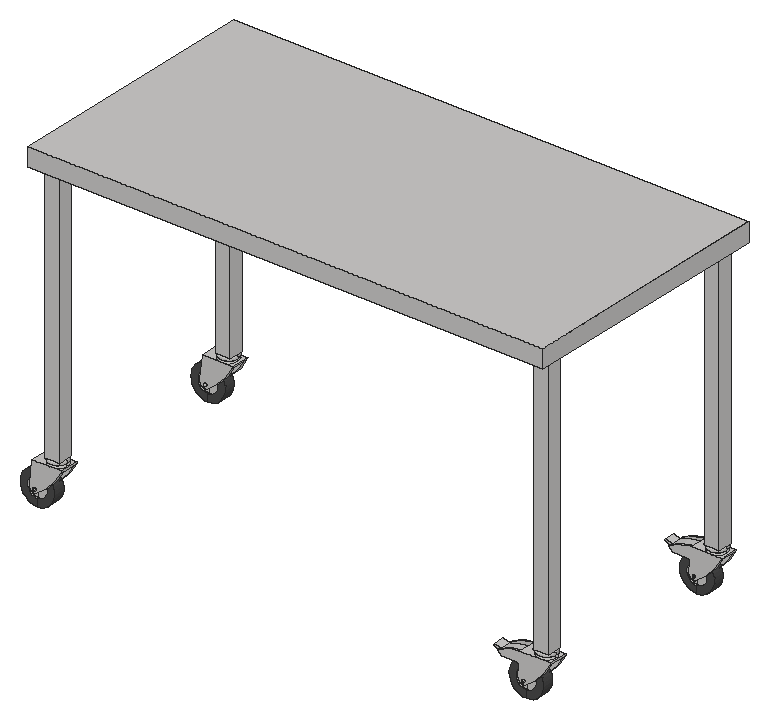
Revit family "QF_ZANUSSI_132838_WTD1407NR", category Attrezzature speciali, Revit 2020
Family settings
  Quota connettore circolare = Usa diametro
  Tipo di parte = Normale
  Basato su piano di lavoro = No
  Sempre verticale = Sì
  Taglio con vuoti quando caricato = No
  Condiviso = No
  Punto di calcolo locali = No
Parameters (values of type "Standard")
  Weight = 47.00 kg
  Watts = 0 W
  Volts = 0 V
  URL Manufacturer = "http://www.zanussiprofessional.com"
  URL = "http://www.zanussiprofessional.com"
  Steam Supply Size = 0 mm
  Steam Supply Minimum Pressure = 0.0 Pa
  Steam Supply Maximum Pressure = 0.0 Pa
  Steam Consumption per Hour = 0
  Refrigeration Suction Line Size = 0.0 mm
  Refrigeration Liquid Line Size = 0.0 mm
  Refrigerant Compressor Remote = yes
  Prospetto di default = 0.0 mm
  Produttore = "Zanussi"
  Phase = 0
  Modello = "WTD1407NR"
  Length Actual = 1400.0 mm  # constant formula
  Item Number = "132838"
  Hot Water Size = 0 mm
  Height Actual = 900.0 mm  # constant formula
  HP = "0 HP"
  Gas Size = 0 mm
  Gas KW = 0
  Gas Input Pressure = 0 W
  Direct Waste Size = 0 mm
  Descrizione = "WORK TABLE ON WHEELS 1400MM H900"
  Depth Actual = 700.0 mm  # constant formula
  Cycle = 0 Hz
  Condensate Return Size = 0 mm
  Compressed Air Volume = 0.0 L/s
  Compressed Air Size = 0 mm
  Compressed Air Pressure = 0.0 Pa
  Cold Water Size = 0 mm
  Accessory = yes
Reference planes
  plane 1 "Center (Front/Back)": y = 0
  plane 2: z = 0
  plane 3 "Center (Left/Right)": x = -100
  plane 4 "LEFT": x = -800
  plane 5 "RIGHT": x = 600
  plane 6 "BACK": y = 350
  plane 7 "FRONT": y = -350
  plane 8 "Base": z = 850
  plane 9 "TOP": z = 900
  plane 10: x = -764.5
  plane 11: x = 564.5
  plane 12: y = 290
  plane 13: y = -290
Forms (mm)
  Extrusion 1, solid, material "QF_Finishes_Stainless Steel"
    sketch origin (0, 0, 900) x (0, 1, 0) y (-1, 0, 0)
      loop
        line (350, 800) -> (-350, 800) -> (-350, -600) -> (350, -600) -> (350, 800)
    from 0 to -50
  Extrusion 2, solid, material "QF_Finishes_Stainless Steel"
    sketch origin (-100, 0, 0) x (0, 1, 0) y (0, 0, 1)
      loop
        line (350, 900) -> (-350, 900) -> (-350, 850) -> (350, 850) -> (350, 900)
    from 700 to -700
Lines and regions (mm)
  symbolic lines
    curve 1: line (600, 350, 900) -> (-800, 350, 900)
    curve 2: line (-800, 350, 900) -> (-800, -350, 900)
    curve 3: line (-800, -350, 900) -> (600, -350, 900)
    curve 4: line (600, -350, 900) -> (600, 350, 900)
Dimensions and locks
  plane 4 "LEFT" to plane 5 "RIGHT" = 1400.0 mm
  equal spacing: plane 4 "LEFT", plane 3 "Center (Left/Right)", plane 5 "RIGHT"
  equal spacing: plane 6 "BACK", plane 1 "Center (Front/Back)", plane 7 "FRONT"
  plane 6 "BACK" to plane 7 "FRONT" = 700.0 mm
  plane 8 "Base" to level = 850.0 mm
  plane 9 "TOP" to level = 900.0 mm
  plane 6 "BACK" to plane 12 = 60.0 mm
  plane 13 to plane 7 "FRONT" = 60.0 mm
  plane 4 "LEFT" to plane 10 = 35.5 mm
  plane 11 to plane 5 "RIGHT" = 35.5 mm
  plane 10 to plane 11 = 1329.0 mm
  plane 12 to plane 13 = 580.0 mm
  aligned and locked: level to plane 2
  aligned and locked: plane 10 to nested 1
  aligned and locked: nested 1 to plane 13
  aligned and locked: plane 11 to nested 2
  aligned and locked: nested 2 to plane 13
  aligned and locked: plane 11 to nested 4
  aligned and locked: nested 4 to plane 12
  aligned and locked: plane 10 to nested 3
  aligned and locked: nested 3 to plane 12
  aligned and locked: Extrusion 1 sketch curve to plane 6 "BACK"
  aligned and locked: Extrusion 1 sketch curve to plane 4 "LEFT"
  aligned and locked: Extrusion 1 sketch curve to plane 7 "FRONT"
  aligned and locked: Extrusion 1 sketch curve to plane 5 "RIGHT"
  aligned and locked: plane 12 to nested 6
  aligned and locked: plane 11 to nested 6
  aligned and locked: plane 13 to nested 5
  aligned and locked: plane 10 to nested 5
  aligned and locked: plane 12 to nested 7
  aligned and locked: plane 10 to nested 7
  aligned and locked: plane 11 to nested 8
  aligned and locked: plane 13 to nested 8
  aligned and locked: Extrusion 2 sketch curve to plane 6 "BACK"
  aligned and locked: Extrusion 2 sketch curve to plane 9 "TOP"
  aligned and locked: plane 8 "Base" to Extrusion 2 sketch curve
  aligned and locked: plane 7 "FRONT" to Extrusion 2 sketch curve
  aligned and locked: Extrusion 2 to plane 4 "LEFT"
  aligned and locked: plane 5 "RIGHT" to Extrusion 2
  aligned and locked: plane 6 "BACK" to Extrusion 2
  aligned and locked: Extrusion 2 to plane 7 "FRONT"
Automatic sketch dimensions
  curve 2 to plane 4 "LEFT" = 0.0 mm
  curve 2 to plane 7 "FRONT" = 0.0 mm
  curve 2 to plane 6 "BACK" = 0.0 mm
  curve 1 to plane 5 "RIGHT" = 0.0 mm
Nested families
  nested 1: "FEET_40x40_WHEEL" at (-764.5, -290, 0), type "FEET_40x40_WHEEL"
  nested 2: "FEET_40x40_WHEEL" at (564.5, -290, 0), type "FEET_40x40_WHEEL"
  nested 3: "FEET_40x40_WHEEL" at (-764.5, 290, 0), type "FEET_40x40_WHEEL"
  nested 4: "FEET_40x40_WHEEL" at (564.5, 290, 0), type "FEET_40x40_WHEEL"
  nested 5: "WHEEL130" at (-764.5, -190.35, 0), type "WHEEL130"
    with Type Mark "", Status "", Specification by User "", Revision Code "", Installed By "", Identify Quantity as Lot yes, Furnished By "", Foodservice Equipment Identifier yes
  nested 6: "WHEEL130_LOCKED" at (564.5, 389.65, 0), type "WHEEL130_LOCKED"
    with Type Mark "", Status "", Specification by User "", Revision Code "", Installed By "", Identify Quantity as Lot yes, Furnished By "", Foodservice Equipment Identifier yes
  nested 7: "WHEEL130" at (-764.5, 389.65, 0), type "WHEEL130"
    with Type Mark "", Status "", Specification by User "", Revision Code "", Installed By "", Identify Quantity as Lot yes, Furnished By "", Foodservice Equipment Identifier yes
  nested 8: "WHEEL130_LOCKED" at (564.5, -190.35, 0), type "WHEEL130_LOCKED"
    with Type Mark "", Status "", Specification by User "", Revision Code "", Installed By "", Identify Quantity as Lot yes, Furnished By "", Foodservice Equipment Identifier yes
Definition of nested family "FEET_40x40_WHEEL"
  Parameters
    Default Elevation = 0.0 mm
    FEET = 850.0 mm
  Reference planes
    plane 1 "Center (Front/Back)": y = 0
    plane 2: z = 0
    plane 3 "Center (Left/Right)": x = 0
    plane 4: z = 850
  Forms (mm)
    Extrusion 1, solid
      sketch origin (0, 0, 0) x (1, 0, 0) y (0, 1, 0)
        loop
          line (-20, -20) -> (20, -20) -> (20, 20) -> (-20, 20) -> (-20, -20)
      from 130 to 845
    Extrusion 2, solid
      sketch origin (0, 0, 0) x (1, 0, 0) y (0, 1, 0)
        loop
          line (30, 30) -> (-30, 30) -> (-30, -30) -> (30, -30) -> (30, 30)
      from 845 to 850
  Lines and regions (mm)
    symbolic lines
      curve 1: line (0, -1.503, 0) -> (0, 1.508, 0)
      curve 2: line (1.561, 0, 0) -> (-1.439, 0, 0)
  Dimensions and locks
    "FEET": plane 4 to plane 2
    aligned and locked: level to plane 2
  Automatic sketch dimensions
    Extrusion 1 sketch curve to plane 3 "Center (Left/Right)" = 20.0 mm
    plane 3 "Center (Left/Right)" to Extrusion 1 sketch curve = 20.0 mm
    plane 1 "Center (Front/Back)" to Extrusion 1 sketch curve = 20.0 mm
    Extrusion 1 sketch curve to plane 1 "Center (Front/Back)" = 20.0 mm
    plane 3 "Center (Left/Right)" to Extrusion 2 sketch curve = 30.0 mm
    Extrusion 2 sketch curve to plane 1 "Center (Front/Back)" = 30.0 mm
    Extrusion 2 sketch curve to plane 3 "Center (Left/Right)" = 30.0 mm
    plane 1 "Center (Front/Back)" to Extrusion 2 sketch curve = 30.0 mm
    plane 1 "Center (Front/Back)" to curve 2 = 0.0 mm
    curve 1 to plane 3 "Center (Left/Right)" = 0.0 mm
    curve 2 to plane 3 "Center (Left/Right)" = 1.439 mm
    plane 3 "Center (Left/Right)" to curve 2 = 1.561 mm
    plane 1 "Center (Front/Back)" to curve 1 = 1.503 mm
    curve 1 to plane 1 "Center (Front/Back)" = 1.508 mm
Definition of nested family "WHEEL130"
  Parameters
    Weight = ""
    URL Manufacturer = ""
    URL Cutsheet = ""
    URL = ""
    Type Mark [instance] = ""
    Status [instance] = ""
    Specification by User [instance] = ""
    Specification by Manufacturer = ""
    Serial Number = ""
    Seismic Rating = ""
    SMACNA No = ""
    Revision Code [instance] = ""
    Default Elevation = 0.0 mm
    Omniclass Number and Title = ""
    NAFEM Spec ID Number = ""
    Model = ""
    MasterSpec. = ""
    Manufacturer = ""
    Installed By [instance] = ""
    Identify Quantity as Lot [instance] = yes
    Furnished By [instance] = ""
    Foodservice Equipment Identifier [instance] = yes
    Description = ""
    CSI MasterFormat = ""
    CSI Master Format = ""
    Assembly Code = ""
  Reference planes
    plane 1: z = 0
    plane 2 "Center (Front/Back)": y = -99.65
    plane 3 "Center (Left/Right)": x = 0
    plane 4 "TOP": z = 130
    plane 5 "Center X Caster": x = -44
  Forms (mm)
    Revolve 1, solid
      sketch origin (-44, -53.609, -25.504) x (0, -1, 0) y (0, 0, 1)
        loop
          line (26.04, 72.523) -> (26.04, 66.136) -> (35.372, 66.136) -> (35.372, 45.418) -> (31.533, 45.418) -> (31.533, 25.504) -> (60.548, 25.504) -> (60.548, 45.418) -> (56.709, 45.418) -> (56.709, 66.136) -> (66.04, 66.136) -> (66.04, 72.523) -> (26.04, 72.523)
        loop
          line (71.04, 69.259) -> (72.755, 69.259) -> (74.056, 70.56) -> (74.056, 72.523) -> (71.04, 72.523) -> (71.04, 69.259)
        loop
          line (21.099, 69.259) -> (21.099, 72.523) -> (18.053, 72.523) -> (18.053, 70.56) -> (19.353, 69.259) -> (21.099, 69.259)
        axis (18.053, 72.523) -> (74.056, 72.523)
      angle from 0 to 360
    Extrusion 2, solid
      sketch origin (0, -99.65, 0) x (-1, 0, 0) y (0, 0, 1)
        loop
          line (51.098, 117.019) -> (-30.875, 117.019) -> (-30.453, 113.093)
          arc (-30.453, 113.093) -> (-1.61, 71.515) -> (37.622, 39.556) r 180.858
          arc (37.622, 39.556) -> (51.933, 40.484) -> (57.92, 53.515) r 14
          line (57.92, 53.515) -> (51.098, 117.019)
        loop
          circle (44, 47.019) r 3.264
      from -20 to -25
    Extrusion 3, solid
      sketch origin (0, -99.65, 0) x (-1, 0, 0) y (0, 0, 1)
        loop
          line (51.098, 117.019) -> (-30.875, 117.019) -> (-30.453, 113.093)
          arc (-30.453, 113.093) -> (-1.61, 71.515) -> (37.622, 39.556) r 180.858
          arc (37.622, 39.556) -> (51.933, 40.484) -> (57.92, 53.515) r 14
          line (57.92, 53.515) -> (51.098, 117.019)
        loop
          circle (44, 47.019) r 3.264
      from 20 to 25
    Revolve 4, solid
      sketch origin (0, -99.65, 0) x (-1, 0, 0) y (0, 0, 1)
        loop
          line (0, 130) -> (-20, 130)
          arc (-20, 130) -> (-23.905, 128.171) -> (-25, 124) r 5.083
          line (-25, 124) -> (-22.422, 124) -> (-22.422, 121.88) -> (-24.688, 117.019) -> (0, 117.019) -> (0, 130)
        axis (0, 130) -> (0, 117.019)
      angle from 0 to 360
    Extrusion 5, solid
      sketch origin (0, -99.65, 0) x (-1, 0, 0) y (0, 0, 1)
        loop
          line (-30.875, 117.019) -> (-30.453, 113.093) -> (51.519, 113.093) -> (51.098, 117.019) -> (-30.875, 117.019)
      from -20 to 20
  Cuts and joins
    joined: Extrusion 2, Extrusion 3, Extrusion 5
  Lines and regions (mm)
    symbolic lines
      curve 1: line (-10, -99.65, 0) -> (10, -99.65, 0)
      curve 2: line (0, -108.445, 0) -> (0, -90.405, 0)
  Dimensions and locks
    plane 4 "TOP" to level = 130.0 mm  (x3)
    aligned and locked: level to plane 1
Definition of nested family "WHEEL130_LOCKED"
  Parameters
    Weight = ""
    URL Manufacturer = ""
    URL Cutsheet = ""
    URL = ""
    Type Mark [instance] = ""
    Status [instance] = ""
    Specification by User [instance] = ""
    Specification by Manufacturer = ""
    Serial Number = ""
    Seismic Rating = ""
    SMACNA No = ""
    Revision Code [instance] = ""
    Default Elevation = 0.0 mm
    Omniclass Number and Title = ""
    NAFEM Spec ID Number = ""
    Model = ""
    MasterSpec. = ""
    Manufacturer = ""
    Installed By [instance] = ""
    Identify Quantity as Lot [instance] = yes
    Furnished By [instance] = ""
    Foodservice Equipment Identifier [instance] = yes
    Description = ""
    CSI MasterFormat = ""
    CSI Master Format = ""
    Assembly Code = ""
  Reference planes
    plane 1: z = 0
    plane 2 "Center (Front/Back)": y = -99.65
    plane 3 "Center (Left/Right)": x = 0
    plane 4 "TOP": z = 130
    plane 5 "Center X Caster": x = -44
  Forms (mm)
    Revolve 1, solid
      sketch origin (-44, -53.609, -25.504) x (0, -1, 0) y (0, 0, 1)
        loop
          line (26.04, 72.523) -> (26.04, 66.136) -> (35.372, 66.136) -> (35.372, 45.418) -> (31.533, 45.418) -> (31.533, 25.504) -> (60.548, 25.504) -> (60.548, 45.418) -> (56.709, 45.418) -> (56.709, 66.136) -> (66.04, 66.136) -> (66.04, 72.523) -> (26.04, 72.523)
        loop
          line (71.04, 69.259) -> (72.755, 69.259) -> (74.056, 70.56) -> (74.056, 72.523) -> (71.04, 72.523) -> (71.04, 69.259)
        loop
          line (21.099, 69.259) -> (21.099, 72.523) -> (18.053, 72.523) -> (18.053, 70.56) -> (19.353, 69.259) -> (21.099, 69.259)
        axis (18.053, 72.523) -> (74.056, 72.523)
      angle from 0 to 360
    Extrusion 2, solid
      sketch origin (0, -99.65, 0) x (-1, 0, 0) y (0, 0, 1)
        loop
          line (56.125, 117.019) -> (-30.875, 117.019) -> (-30.453, 113.093)
          arc (-30.453, 113.093) -> (-1.61, 71.515) -> (37.622, 39.556) r 180.858
          arc (37.622, 39.556) -> (51.933, 40.484) -> (57.92, 53.515) r 14
          line (57.92, 53.515) -> (55.234, 78.516)
          arc (55.234, 78.516) -> (57.071, 84.203) -> (62.528, 86.637) r 7.337
          line (62.528, 86.637) -> (102.952, 86.637) -> (113.559, 97.243)
          arc (113.559, 97.243) -> (85.909, 110.231) -> (56.125, 117.019) r 142.32
        loop
          circle (44, 47.019) r 3.264
      from -20 to -25
    Extrusion 3, solid
      sketch origin (0, -99.65, 0) x (-1, 0, 0) y (0, 0, 1)
        loop
          line (56.125, 117.019) -> (-30.875, 117.019) -> (-30.453, 113.093)
          arc (-30.453, 113.093) -> (-1.61, 71.515) -> (37.622, 39.556) r 180.858
          arc (37.622, 39.556) -> (51.933, 40.484) -> (57.92, 53.515) r 14
          line (57.92, 53.515) -> (55.234, 78.516)
          arc (55.234, 78.516) -> (57.071, 84.203) -> (62.528, 86.637) r 7.337
          line (62.528, 86.637) -> (102.952, 86.637) -> (113.559, 97.243)
          arc (113.559, 97.243) -> (85.909, 110.231) -> (56.125, 117.019) r 142.32
        loop
          circle (44, 47.019) r 3.264
      from 20 to 25
    Extrusion 4, solid
      sketch origin (0, -99.65, 0) x (-1, 0, 0) y (0, 0, 1)
        loop
          line (133.012, 98.841) -> (130.309, 103.34) -> (113.559, 97.243)
          arc (113.559, 97.243) -> (84.897, 105.851) -> (55.427, 111.06) r 256.377
          line (55.427, 111.06) -> (44.82, 111.06)
          arc (44.82, 111.06) -> (37.781, 106.584) -> (38.85, 98.311) r 7.772
          line (38.85, 98.311) -> (105.452, 92.484) -> (114.112, 87.484) -> (133.012, 98.841)
        loop
          circle (44, 105.324) r 3.494
      from -14.507 to 14.507
    Extrusion 5, solid
      sketch origin (0, -99.65, 0) x (-1, 0, 0) y (0, 0, 1)
        loop
          circle (44, 105.324) r 3.494
      from -20 to 20
    Revolve 6, solid
      sketch origin (0, -99.65, 0) x (-1, 0, 0) y (0, 0, 1)
        loop
          line (0, 130) -> (-20, 130)
          arc (-20, 130) -> (-23.905, 128.171) -> (-25, 124) r 5.083
          line (-25, 124) -> (-22.422, 124) -> (-22.422, 121.88) -> (-24.688, 117.019) -> (0, 117.019) -> (0, 130)
        axis (0, 130) -> (0, 117.019)
      angle from 0 to 360
    Extrusion 7, solid
      sketch origin (0, -99.65, 0) x (-1, 0, 0) y (0, 0, 1)
        loop
          line (-30.875, 117.019) -> (-30.453, 113.093) -> (51.519, 113.093) -> (51.098, 117.019) -> (-30.875, 117.019)
      from -20 to 20
  Cuts and joins
    joined: Extrusion 2, Extrusion 3, Extrusion 7
  Lines and regions (mm)
    symbolic lines
      curve 1: line (11.908, -99.65, 0) -> (-11.403, -99.65, 0)
      curve 2: line (0, -111.652, 0) -> (0, -88.928, 0)
  Dimensions and locks
    plane 4 "TOP" to level = 130.0 mm  (x3)
    aligned and locked: level to plane 1
